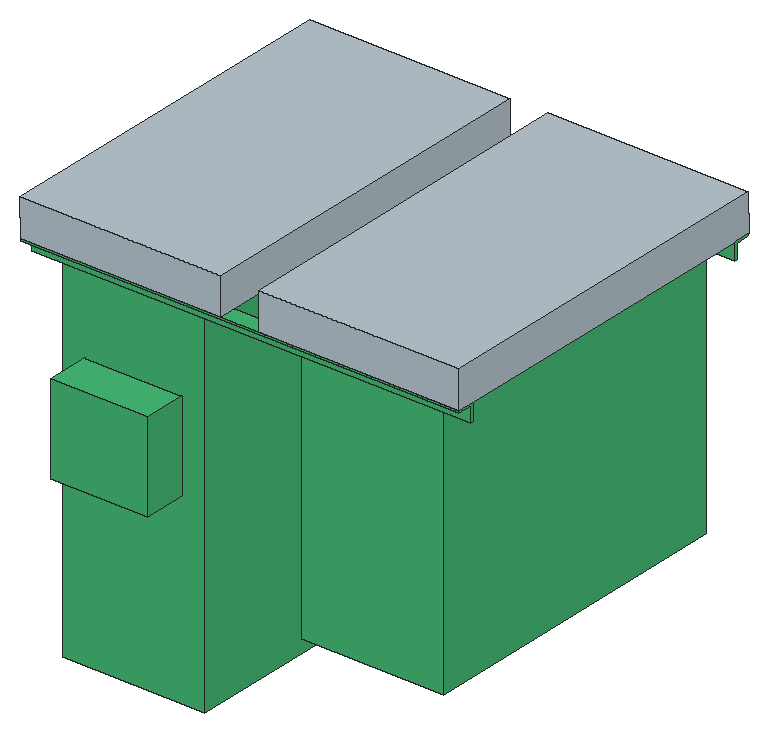
Revit family "Electrical_Equipment-Floor_Box-Hubbell_Wiring-Utility_Box-HBLSCCUBPDW", category Electrical Fixtures, host Face, Revit 2015
Parameters (values of type "Painted Galvanized Steel Box")
  Voltage = 0 V
  URL = "http://www.hubbell-wiring.com/"
  Product data url = "https://bimobject.com/hubbellwiring/product/hubbell-hblsccubpdw"
  Product Page URL = "http://ecatalog.hubbell-wiring.com/productinformation/viewcatalog.aspx?Dest=hubbell-wiring.com/press/catalog/O.pdf&Page=32"
  Product Documentation Link = "http://www.hubbell-wiring.com/press/pdfs/H5235.pdf"
  Model = "HBLSCCUBPDW"
  Manufacturer = "Hubbell-Wiring"  # constant formula
  Load Classification = Other
  Keynote = ""
  Description = "Convention Center Utility Box, Painted Galvanized Steel"
  Default Elevation = 0.000"
  Cover Material = Metal - Hubbell - Aluminum
  Box Material = Metal - Hubbell - Green Finish
  Assembly Code = ""
  Apparent Load = 0 VA
Types (2): name | Model | Description | Box Material
  Painted Galvanized Steel Box | "HBLSCCUBPDW" | "Convention Center Utility Box, Painted Galvanized Steel" | Metal - Hubbell - Green Finish
  Stainless Steel Box | "HBLSCCUBPDWSS" | "Convention Center Utility Box, Stainless Steel" | Metal - Hubbell - Steel
Reference planes (in)
  plane 1 "Center (Front/Back)": y = 0
  plane 2: z = 0
  plane 3 "Center (Left/Right)": x = 0
  plane 4: x = -14.74
  plane 5: x = 14.74
  plane 6: z = -27.5
  plane 7: x = -12.8125
  plane 8: x = -3.25
  plane 9: x = 12.8125
  plane 10: x = 3.25
  plane 11: z = -2.5
  plane 12: z = -9
  plane 13: z = -15
  plane 14: z = -20.75
  plane 15: x = -11.3125
  plane 16: x = -4.8125
  plane 17: y = 12.135
  plane 18: y = -12.135
  plane 19: y = 10.985
  plane 20: y = -10.985
  plane 21: x = -1.27
  plane 22: x = 1.27
  plane 23: y = 11.755
  plane 24: y = -11.755
  plane 25: z = -2.65
  plane 26: y = -11.135
  plane 27: z = -3.65
  plane 28: y = 11.135
  plane 29: x = -14.64
  plane 30: y = 12.035
  plane 31: x = -1.37
  plane 32: y = -12.035
  plane 33: x = 14.64
  plane 34: x = 1.37
  plane 35: z = -2.35
  plane 36: y = -13.825
  plane 37: x = -14.36
  plane 38: x = -1.65
  plane 39: x = 14.36
  plane 40: x = 1.65
  plane 41: z = -0.15
  plane 42: z = -0.05
  plane 43: x = -8.005
  plane 44: x = 8.005
  plane 45: y = 8.085
  plane 46: y = -8.085
  plane 47: x = -6.315
  plane 48: x = -9.695
  plane 49: x = 6.315
  plane 50: x = 9.695
  plane 51: z = 0.01
Forms (in)
  Extrusion 1, void
    sketch origin (0, 0, 0) x (1, 0, 0) y (0, 1, 0)
      loop
        line (-14.74, 12.135) -> (-14.74, -12.135) -> (-1.27, -12.135) -> (-1.27, 12.135) -> (-14.74, 12.135)
      loop
        line (14.74, -12.135) -> (14.74, 12.135) -> (1.27, 12.135) -> (1.27, -12.135) -> (14.74, -12.135)
    from -2.5 to 0
  Extrusion 2, solid, material "Metal - Hubbell - Green Finish" <- "Box Material"
    sketch origin (0, 0, 0) x (1, 0, 0) y (0, 0, 1)
      loop
        line (-12.8125, -2.5) -> (-12.8125, -27.5) -> (-3.25, -27.5) -> (-3.25, -2.5) -> (-12.8125, -2.5)
    from -10.985 to 10.985
  Extrusion 3, solid, material "Metal - Hubbell - Green Finish" <- "Box Material"
    sketch origin (0, 0, 0) x (1, 0, 0) y (0, 0, 1)
      loop
        line (3.25, -2.5) -> (3.25, -20.75) -> (12.8125, -20.75) -> (12.8125, -2.5) -> (3.25, -2.5)
    from -10.985 to 10.985
  Extrusion 4, solid, material "Metal - Hubbell - Aluminum" <- "Cover Material"
    sketch origin (0, 0, 0) x (1, 0, 0) y (0, 0, 1)
      loop
        line (-14.74, 0.01) -> (-14.74, -2.5) -> (-1.27, -2.5) -> (-1.27, 0.01) -> (-14.74, 0.01)
    from -12.135 to 12.135
  Extrusion 5, solid, material "Metal - Hubbell - Aluminum" <- "Cover Material"
    sketch origin (0, 0, 0) x (1, 0, 0) y (0, 0, 1)
      loop
        line (1.27, 0.01) -> (1.27, -2.5) -> (14.74, -2.5) -> (14.74, 0.01) -> (1.27, 0.01)
    from -12.135 to 12.135
  Extrusion 6, solid, material "Metal - Hubbell - Green Finish" <- "Box Material"
    sketch origin (0, 0, 0) x (0, 1, 0) y (0, 0, 1)
      loop
        line (-12.135, -2.5) -> (-12.135, -2.65) -> (-11.135, -2.65) -> (-11.135, -3.65) -> (-10.985, -3.65) -> (-10.985, -2.5) -> (-12.135, -2.5)
      loop
        line (12.135, -2.5) -> (10.985, -2.5) -> (10.985, -3.65) -> (11.135, -3.65) -> (11.135, -2.65) -> (12.135, -2.65) -> (12.135, -2.5)
    from -14.74 to 14.74
  Extrusion 7, solid, material "Metal - Hubbell - Green Finish" <- "Box Material"
    sketch origin (0, 0, 0) x (1, 0, 0) y (0, 0, 1)
      loop
        line (-11.3125, -9) -> (-11.3125, -15) -> (-4.8125, -15) -> (-4.8125, -9) -> (-11.3125, -9)
    from 10.985 to 13.825
Lines and regions (in)
  model lines, style "Model Line", detail levels medium+fine
    curve 1: line (-9.695, 11.755, 0) -> (-9.695, 8.085, 0)
    curve 2: line (-9.695, 8.085, 0) -> (-6.315, 8.085, 0)
    curve 3: line (-6.315, 8.085, 0) -> (-6.315, 11.755, 0)
    curve 4: line (-6.315, 11.755, 0) -> (-9.695, 11.755, 0)
    curve 5: line (-9.695, -8.085, 0) -> (-6.315, -8.085, 0)
    curve 6: line (-9.695, -11.755, 0) -> (-9.695, -8.085, 0)
    curve 7: line (-6.315, -11.755, 0) -> (-9.695, -11.755, 0)
    curve 8: line (-6.315, -8.085, 0) -> (-6.315, -11.755, 0)
    curve 9: line (6.315, 11.755, 0) -> (9.695, 11.755, 0)
    curve 10: line (6.315, 8.085, 0) -> (6.315, 11.755, 0)
    curve 11: line (9.695, 8.085, 0) -> (6.315, 8.085, 0)
    curve 12: line (9.695, 11.755, 0) -> (9.695, 8.085, 0)
    curve 13: line (6.315, -11.755, 0) -> (9.695, -11.755, 0)
    curve 14: line (6.315, -8.085, 0) -> (6.315, -11.755, 0)
    curve 15: line (9.695, -8.085, 0) -> (6.315, -8.085, 0)
    curve 16: line (9.695, -11.755, 0) -> (9.695, -8.085, 0)
  symbolic lines
    curve 17: line (-14.74, 12.135, 0) -> (-1.27, 12.135, 0)
    curve 18: line (-14.74, -12.135, 0) -> (-14.74, 12.135, 0)
    curve 19: line (-1.27, -12.135, 0) -> (-14.74, -12.135, 0)
    curve 20: line (-1.27, 12.135, 0) -> (-1.27, -12.135, 0)
    curve 21: line (1.27, 12.135, 0) -> (14.74, 12.135, 0)
    curve 22: line (1.27, -12.135, 0) -> (1.27, 12.135, 0)
    curve 23: line (14.74, -12.135, 0) -> (1.27, -12.135, 0)
    curve 24: line (14.74, 12.135, 0) -> (14.74, -12.135, 0)
    curve 25: line (12.8125, 0, -20.75) -> (12.8125, 0, -2.5)
    curve 26: line (3.25, 0, -20.75) -> (12.8125, 0, -20.75)
    curve 27: line (3.25, 0, -2.5) -> (3.25, 0, -20.75)
    curve 28: line (-3.25, 0, -27.5) -> (-12.8125, 0, -27.5)
    curve 29: line (-3.25, 0, -2.5) -> (-3.25, 0, -27.5)
    curve 30: line (-12.8125, 0, -27.5) -> (-12.8125, 0, -2.5)
    curve 31: line (14.74, 0, 0) -> (-14.74, 0, 0)
    curve 32: line (14.74, 0, -2.5) -> (14.74, 0, 0)
    curve 33: line (-14.74, 0, -2.5) -> (14.74, 0, -2.5)
    curve 34: line (-14.74, 0, 0) -> (-14.74, 0, -2.5)
    curve 35: line (0, 10.985, -27.5) -> (0, 10.985, -2.5)
    curve 36: line (0, -10.985, -27.5) -> (0, 10.985, -27.5)
    curve 37: line (0, -10.985, -2.5) -> (0, -10.985, -27.5)
    curve 38: line (0, 12.135, 0) -> (0, -12.135, 0)
    curve 39: line (0, 12.135, -2.5) -> (0, 12.135, 0)
    curve 40: line (0, -12.135, -2.5) -> (0, 12.135, -2.5)
    curve 41: line (0, -12.135, 0) -> (0, -12.135, -2.5)
    curve 42: line (0, -10.985, -9) -> (0, -13.825, -9)
    curve 43: line (0, -13.825, -15) -> (0, -10.985, -15)
    curve 44: line (0, -13.825, -9) -> (0, -13.825, -15)
    curve 49: line (-11.3125, -12.135, 0) -> (-11.3125, -13.825, 0)
    curve 50: line (-11.3125, -13.825, 0) -> (-4.8125, -13.825, 0)
    curve 51: line (-4.8125, -13.825, 0) -> (-4.8125, -12.135, 0)
  symbolic lines, detail levels medium+fine
    curve 45: line (-11.3125, 0, -9) -> (-4.8125, 0, -9)
    curve 46: line (-11.3125, 0, -15) -> (-11.3125, 0, -9)
    curve 47: line (-4.8125, 0, -15) -> (-11.3125, 0, -15)
    curve 48: line (-4.8125, 0, -9) -> (-4.8125, 0, -15)
Dimensions and locks (in)
  equal spacing: plane 5, plane 3 "Center (Left/Right)", plane 4
  locked: plane 5 to plane 4 at 29.48
  locked: plane 2 to plane 6 at 27.5
  equal spacing: plane 10, plane 3 "Center (Left/Right)", plane 8
  equal spacing: plane 9, plane 3 "Center (Left/Right)", plane 7
  locked: plane 9 to plane 7 at 25.625
  locked: plane 2 to plane 11 at 2.5
  locked: plane 2 to plane 12 at 9
  locked: plane 12 to plane 13 at 6
  locked: plane 11 to plane 14 at 18.25
  locked: plane 15 to plane 7 at 1.5
  locked: plane 16 to plane 15 at 6.5
  equal spacing: plane 17, plane 1 "Center (Front/Back)", plane 18
  locked: plane 17 to plane 18 at 24.27
  equal spacing: plane 19, plane 1 "Center (Front/Back)", plane 20
  locked: plane 19 to plane 20 at 21.97
  equal spacing: plane 23, plane 1 "Center (Front/Back)", plane 24
  locked: plane 23 to plane 24 at 23.51
  locked: plane 11 to plane 25 at 0.15
  locked: plane 11 to plane 27 at 1.15
  locked: plane 19 to plane 28 at 0.15
  locked: plane 4 to plane 29 at 0.1
  locked: plane 17 to plane 30 at 0.1
  locked: plane 31 to plane 21 at 0.1
  locked: plane 32 to plane 18 at 0.1
  locked: plane 22 to plane 34 at 0.1
  locked: plane 33 to plane 5 at 0.1
  locked: plane 35 to plane 11 at 0.15
  locked: plane 36 to plane 17 at 25.96
  locked: plane 4 to plane 37 at 0.38
  locked: plane 38 to plane 21 at 0.38
  locked: plane 22 to plane 40 at 0.38
  locked: plane 39 to plane 5 at 0.38
  locked: plane 2 to plane 41 at 0.15
  locked: plane 2 to plane 42 at 0.05
  equal spacing: plane 4, plane 43, plane 21
  equal spacing: plane 22, plane 44, plane 5
  equal spacing: plane 45, plane 1 "Center (Front/Back)", plane 46
  locked: plane 23 to plane 45 at 3.67
  locked: plane 5 to plane 22 at 13.47
  equal spacing: plane 22, plane 3 "Center (Left/Right)", plane 21
  locked: plane 8 to plane 7 at 9.5625
  locked: plane 26 to plane 20 at 0.15
  locked: plane 48 to plane 43 at 1.69
  equal spacing: plane 48, plane 43, plane 47
  equal spacing: plane 43, plane 3 "Center (Left/Right)", plane 44, locked at 8.005 each
  locked: plane 49 to plane 44 at 1.69
  equal spacing: plane 49, plane 44, plane 50
  locked: plane 51 to plane 2 at 0.01
  aligned and locked: host face to plane 2
  aligned and locked: level to host face
  aligned and locked: Extrusion 2 sketch curve to plane 11
  aligned and locked: plane 7 to Extrusion 2 sketch curve
  aligned and locked: plane 6 to Extrusion 2 sketch curve
  aligned and locked: Extrusion 2 sketch curve to plane 8
  aligned and locked: plane 19 to Extrusion 2
  aligned and locked: Extrusion 2 to plane 20
  aligned and locked: Extrusion 3 sketch curve to plane 11
  aligned and locked: plane 10 to Extrusion 3 sketch curve
  aligned and locked: plane 14 to Extrusion 3 sketch curve
  aligned and locked: Extrusion 3 sketch curve to plane 9
  aligned and locked: plane 4 to Extrusion 4 sketch curve
  aligned and locked: Extrusion 4 sketch curve to plane 21
  aligned and locked: plane 22 to Extrusion 5 sketch curve
  aligned and locked: Extrusion 5 sketch curve to plane 5
  aligned and locked: plane 17 to Extrusion 4
  aligned and locked: Extrusion 4 to plane 18
  aligned and locked: plane 17 to Extrusion 5
  aligned and locked: Extrusion 5 to plane 18
  aligned and locked: Extrusion 4 to plane 11
  aligned and locked: plane 11 to Extrusion 5 sketch curve
  aligned and locked: Extrusion 6 sketch curve to plane 18
  aligned and locked: Extrusion 6 sketch curve to plane 11
  aligned and locked: Extrusion 6 sketch curve to plane 25
  aligned and locked: Extrusion 6 sketch curve to plane 20
  aligned and locked: Extrusion 6 sketch curve to plane 26
  aligned and locked: Extrusion 6 sketch curve to plane 27
  aligned and locked: plane 11 to Extrusion 6 sketch curve
  aligned and locked: Extrusion 6 sketch curve to plane 19
  aligned and locked: plane 27 to Extrusion 6 sketch curve
  aligned and locked: Extrusion 6 sketch curve to plane 17
  aligned and locked: plane 28 to Extrusion 6 sketch curve
  aligned and locked: plane 5 to Extrusion 6
  aligned and locked: Extrusion 6 to plane 4
  aligned and locked: Extrusion 7 sketch curve to plane 12
  aligned and locked: plane 15 to Extrusion 7 sketch curve
  aligned and locked: plane 13 to Extrusion 7 sketch curve
  aligned and locked: Extrusion 7 sketch curve to plane 16
  aligned and locked: Extrusion 7 to plane 36
  aligned and locked: Extrusion 7 to Extrusion 2
  aligned and locked: plane 23 to curve 4
  aligned and locked: curve 2 to plane 45
  aligned and locked: plane 17 to Extrusion 1
  aligned and locked: plane 18 to Extrusion 1 sketch curve
  aligned and locked: Extrusion 1 sketch curve to plane 17
  aligned and locked: Extrusion 1 sketch curve to plane 5
  aligned and locked: plane 4 to Extrusion 1 sketch curve
  aligned and locked: curve 5 to plane 46
  aligned and locked: plane 48 to curve 6
  aligned and locked: plane 24 to curve 7
  aligned and locked: curve 8 to plane 47
  aligned and locked: curve 1 to plane 48
  aligned and locked: plane 47 to curve 3
  aligned and locked: curve 9 to plane 23
  aligned and locked: curve 10 to plane 49
  aligned and locked: plane 45 to curve 11
  aligned and locked: plane 50 to curve 12
  aligned and locked: curve 13 to plane 24
  aligned and locked: plane 49 to curve 14
  aligned and locked: plane 46 to curve 15
  aligned and locked: curve 16 to plane 50
  aligned and locked: plane 2 to Extrusion 1
  aligned and locked: plane 4 to curve 18
  aligned and locked: curve 17 to plane 17
  aligned and locked: curve 20 to plane 21
  aligned and locked: plane 18 to curve 19
  aligned and locked: plane 9 to curve 25
  aligned and locked: plane 7 to curve 30
  aligned and locked: curve 33 to plane 11
  aligned and locked: curve 34 to plane 4
  aligned and locked: Extrusion 2 to Extrusion 3
  aligned and locked: Extrusion 6 to plane 25
  aligned and locked: plane 51 to Extrusion 4 sketch curve
  aligned and locked: plane 51 to Extrusion 5 sketch curve
  aligned and locked: curve 28 to plane 6
  aligned and locked: plane 14 to curve 26
  aligned and locked: plane 10 to curve 27
  aligned and locked: Extrusion 6 to plane 27
  aligned and locked: curve 29 to plane 8
  aligned and locked: plane 5 to curve 32
  aligned and locked: curve 42 to Extrusion 7
  aligned and locked: curve 43 to Extrusion 7
  aligned and locked: curve 44 to Extrusion 7
  aligned and locked: plane 20 to curve 37
  aligned and locked: plane 11 to curve 40
  aligned and locked: plane 18 to curve 41
  aligned and locked: curve 38 to plane 2
  aligned and locked: curve 39 to plane 17
  aligned and locked: curve 35 to plane 19
  aligned and locked: plane 6 to curve 36
  aligned and locked: curve 45 to plane 12
  aligned and locked: plane 13 to curve 47
  aligned and locked: curve 48 to plane 16
  aligned and locked: plane 15 to curve 46
  aligned and locked: curve 49 to plane 15
  aligned and locked: curve 50 to plane 36
  aligned and locked: plane 16 to curve 51
  aligned and locked: curve 24 to plane 5
  aligned and locked: curve 21 to plane 17
  aligned and locked: plane 22 to curve 22
  aligned and locked: plane 18 to curve 23
  aligned and locked: Extrusion 5 to plane 22
  aligned and locked: plane 5 to Extrusion 5
  aligned and locked: Extrusion 1 to plane 11
  aligned and locked: level to curve 31
Automatic sketch dimensions
  host sketch curve to host sketch curve = 96.000"  (x2)
  Extrusion 4 sketch curve to plane 11 = 0.000"
  Extrusion 1 sketch curve to plane 22 = 0.000"
  Extrusion 1 sketch curve to plane 21 = 0.000"
  Extrusion 1 sketch curve to plane 17 = 0.000"
  Extrusion 1 sketch curve to plane 18 = 0.000"
  Extrusion 6 sketch curve to plane 25 = 0.000"
Connectors (in)
  electrical at (-8.0625, -13.825, -12), driven by "Voltage", driven by "Apparent Load", driven by "Load Classification"
    settings: on Extrusion 7, index 1, voltage 0 V, apparent load 0 VA, apparent load phase1 0 VA, apparent load phase2 0 VA, apparent load phase3 0 VA, power factor 1, load classification "Other", number of poles 1, system type 30, power factor state 1, is connector primary yes, connector utility no, sub classification motor no, connector description "Power Connector"
  electrical at (-8.0625, -13.825, -12)
    settings: on Extrusion 7, index 2, voltage 0 V, apparent load 0 VA, apparent load phase1 0 VA, apparent load phase2 0 VA, apparent load phase3 0 VA, power factor 1, load classification "Other", number of poles 1, system type 5, power factor state 1, is connector primary no, connector utility no, sub classification motor no, connector description "Data Connector"
